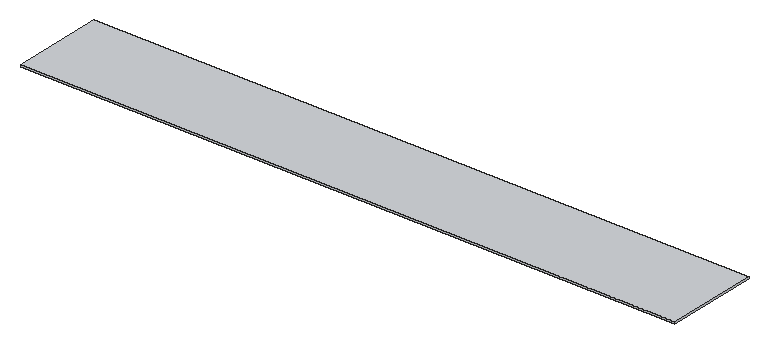
Revit family "Monkey Toe Snow Guard", category Mechanical Equipment, Revit 2015
Parameters (values of type "Type C")
  Width [instance] = 600 mm
  URL = ""
  Type B [instance] = no
  Type C [instance] = yes
  Type A [instance] = no
  Model = "GUTTER SNOW GUARD"  # constant formula
  Manufacturer = "Monkey Toe Systems Limited"  # constant formula
  built-in parameter 1001306 [instance] = 4300 mm
  Height [instance] = 53 mm
Types (4, lengths in mm): name | URL | Type B | Type C | Type A
  (no name) | "" | no | yes | no
  Type A | "http://www.monkeytoe.co.nz/products/gutter-snow-guard" | no | no | yes
  Type B | "" | yes | no | no
  Type C | "" | no | yes | no
Reference planes
  plane 1 "Center (Front/Back)": y = 0
  plane 2: z = 0
  plane 3 "Left": x = 0
  plane 4 "Right": x = 4300
  plane 5: z = 63
  plane 6: z = 53
  plane 7: x = 50
  plane 8: x = 4250
  plane 9: y = -600
  plane 10: y = -540
  plane 11: y = -500
  plane 12: y = -590
Forms (mm)
  Extrusion 1, solid, visible <- "Type A"
    sketch origin (0, 0, 0) x (1, 0, 0) y (0, 1, 0)
      loop
        line (0, 0) -> (0, -600) -> (4300, -600) -> (4300, 0) -> (0, 0)
    from 53 to 63
  Extrusion 2, solid, visible <- "Type B"
    sketch origin (0, 0, 0) x (0, 1, 0) y (0, 0, 1)
      loop
        line (0, 63) -> (-600, 63) -> (-600, 0) -> (-540, 0) -> (-540, 10) -> (-588.487, 10) -> (-588.487, 53) -> (-10, 53) -> (-10, 10) -> (-60, 10) -> (-60, 0) -> (0, 0) -> (0, 63)
    from 0 to 4300
  Extrusion 3, solid, visible <- "Type A"
    sketch origin (0, 0, 0) x (0, 1, 0) y (0, 0, 1)
      loop
        line (-60, 0) -> (-60, 53) -> (-100, 53) -> (-100, 0) -> (-60, 0)
      loop
        line (-540, 0) -> (-500, 0) -> (-500, 53) -> (-540, 53) -> (-540, 0)
    from 50 to 4250
  Extrusion 4, solid, visible <- "Type C"
    sketch origin (0, 0, -53) x (1, 0, 0) y (0, 1, 0)
      loop
        line (0, 0) -> (0, -600) -> (4300, -600) -> (4300, 0) -> (0, 0)
    from 53 to 63
Lines and regions (mm)
  reference lines
    curve 1: line (0, 0, 0) -> (4300, 0, 0)
Dimensions and locks
  "built-in parameter 1001306": plane 3 "Left" to plane 4 "Right"
  "Width": Extrusion 1 sketch curve to Extrusion 1 sketch curve
  locked: plane 5 to plane 6 at 10
  "Height": plane 6 to plane 2
  Extrusion 2 sketch curve to Extrusion 2 sketch curve = 10 mm  (x2)
  Extrusion 2 sketch curve to Extrusion 2 sketch curve = 11.513 mm
  locked: plane 8 to plane 4 "Right" at 50
  locked: plane 3 "Left" to plane 7 at 50
  "Width": Extrusion 4 sketch curve to Extrusion 4 sketch curve
  "Width": plane 1 "Center (Front/Back)" to plane 9
  plane 10 to plane 9 = 60 mm
  locked: plane 11 to plane 10 at 40
  locked: plane 12 to plane 9 at 10
  aligned and locked: plane 4 "Right" to curve 1
  aligned and locked: plane 1 "Center (Front/Back)" to curve 1
  aligned and locked: plane 3 "Left" to curve 1
  aligned and locked: level to plane 2
  aligned and locked: Extrusion 1 sketch curve to curve 1
  aligned and locked: plane 3 "Left" to Extrusion 1 sketch curve
  aligned and locked: Extrusion 1 sketch curve to plane 4 "Right"
  aligned and locked: plane 5 to Extrusion 1
  aligned and locked: Extrusion 1 to plane 6
  aligned and locked: Extrusion 2 sketch curve to Extrusion 2 sketch curve
  aligned and locked: Extrusion 2 to curve 1
  aligned and locked: Extrusion 2 to Extrusion 3 sketch curve  (x2)
  aligned and locked: Extrusion 3 sketch curve to Extrusion 2
  aligned and locked: Extrusion 3 sketch curve to plane 6
  aligned and locked: plane 6 to Extrusion 3 sketch curve
  aligned and locked: Extrusion 4 to level
  aligned and locked: Extrusion 3 to plane 7
  aligned and locked: Extrusion 3 to plane 8
  aligned and locked: plane 11 to Extrusion 3 sketch curve
  aligned and locked: Extrusion 3 sketch curve to plane 10
  aligned and locked: Extrusion 2 sketch curve to plane 10
  aligned and locked: Extrusion 2 sketch curve to plane 9
Automatic sketch dimensions
  Extrusion 3 sketch curve to Extrusion 3 sketch curve = 40 mm
  Extrusion 2 sketch curve to level = 0 mm  (x2)
  Extrusion 2 sketch curve to plane 6 = 0 mm
  Extrusion 2 sketch curve to plane 1 "Center (Front/Back)" = 0 mm
  Extrusion 2 sketch curve to plane 5 = 0 mm
  Extrusion 2 sketch curve to Extrusion 2 sketch curve = 50 mm
  Extrusion 4 sketch curve to plane 3 "Left" = 0 mm
  Extrusion 4 sketch curve to plane 4 "Right" = 0 mm
  plane 9 to Extrusion 4 sketch curve = 0 mm
